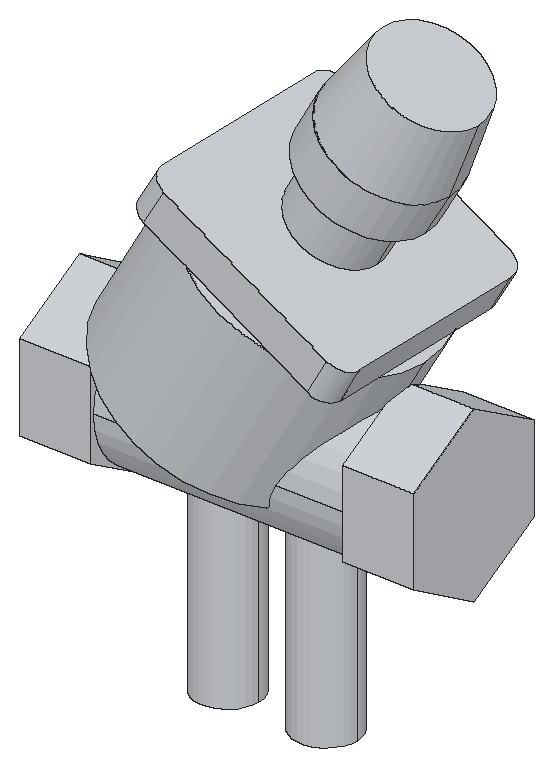
Revit family "OPTIMA_Compact_Plus_FF_DN25_5,5_RFA_2019", category Pipe Accessories, Revit 2019
Family settings
  Round Connector Dimension = Use Diameter
  Part Type = Valve - Breaks Into
  Work Plane-Based = No
  Always vertical = Yes
  Cut with Voids When Loaded = No
  Shared = No
Parameters (values of type "OPTIMA Compact Plus DN25 F-F 5.5mm")
  magiProductId = "d9f644dbdce8417aa9c852cd9f0b5f"
  magiProductFamilyId = "01be67634ee84b2d9a1468c78c5465"
  magiPartTypeId = 304
  isMeasuringValve [instance] = no
  ang2D [instance] = 0.00°
  Z = 0 mm
  X = 13 mm
  W2D = 32 mm
  VersionID = "2.0/2018.8.28.1/FRESE_OPTIMA-COMPACT-FF_001"
  Use Minimum Symbol Size [instance] = yes
  URL = "www.hydronic.cz"
  Type Comments = "vnitřní závit; PN25; 0~120°C, s měřením"
  R9 = 8 mm
  R8 = 14 mm
  R7 = 17 mm
  R6 = 12 mm
  R5 = 5 mm
  R4 = 29 mm
  R3 = 31.5 mm
  R2 = 18.5 mm
  R1 = 22 mm
  QmdConnectorList = "301;D;302;D"
  Productdata [instance] = ""
  PLG0 = yes
  Manufacturer = "Hydronic Systems Prague s.r.o."
  MC Product Code = "53-1373  (1\" F-F; 5.5mm; Qmin-dpmin 600l/h-17.3kPa; Qmax-dpmin 3609l/h-23.0kPa; dpmax 800kPa)"
  MC Piping Given Pressure Drop [instance] = 0.0 Pa
  LL = 50 mm
  L3 = 12.5 mm
  L2D_Min = 3048 mm
  L2D = 104 mm
  L2 = 64 mm
  L1__ve = -L1  # -18 mm
  L1 = 18 mm
  H6__ve = -H6  # -64 mm
  H6 = 64 mm
  H5 = 20 mm
  H4 = 12 mm
  H3 = 16 mm
  H2 = 10 mm
  H1 = 43 mm
  Description = "Tlakově nezávislý 2-cestný regulační vyvažovací ventil (PICV)"
  D = 25 mm
  CenSd_R1_6 = R1 * cos(30.00°)  # 19.053 mm
  A = 30.00°
Types (6, lengths in mm): name | magiProductId | Z | X | R4 | R3 | R2 | R1 | MC Product Code | LL | L3 | L2 | L1__ve | L1 | H6__ve | H6 | H3 | H2 | H1 | D | CenSd_R1_6
  OPTIMA Compact Plus DN32 F-F 5.5mm | "df1c00d195034ef0b1ec6dc57a3080" | 1 | 13 | 29 | 31.5 | 22 | 26 | "53-1374  (5/4\" F-F; 5.5mm; Qmin-dpmin 550l/h-17.9kPa; Qmax-dpmin 4001l/h-28.0kPa; dpmax 800kPa)" | 52 | 12.5 | 66.56 | -18.72 | 18.72 | -68 | 68 | 16 | 10 | 46 | 32 | 22.517
  OPTIMA Compact Plus DN15 F-F 2.5mm | "89b348523dca4fefb6c7ae521abddd" | 0 | 7 | 19 | 19 | 12 | 15 | "53-1364  (1/2\" F-F; 2.5mm; Qmin-dpmin 100l/h-14.9kPa; Qmax-dpmin 575l/h-18.5kPa; dpmax 800kPa)" | 37.5 | 11 | 48 | -13.5 | 13.5 | -57 | 57 | 18 | 8 | 26 | 15 | 12.99
  OPTIMA Compact Plus DN15 F-F 5.0mm | "2e6505697e744e01b0ad9c2d669662" | 0 | 7 | 19 | 19 | 12 | 15 | "53-1365  (1/2\" F-F; 5.0mm; Qmin-dpmin 220l/h-16.0kPa; Qmax-dpmin 1330l/h-21.6kPa; dpmax 800kPa)" | 37.5 | 11 | 48 | -13.5 | 13.5 | -57 | 57 | 18 | 8 | 26 | 15 | 12.99
  OPTIMA Compact Plus DN20 F-F 5.0mm | "3b063aaad6f44e8dbcb4679e4a622e" | 0 | 10 | 19 | 19 | 13.5 | 17.5 | "53-1368  (3/4\" F-F; 5.0mm; Qmin-dpmin 220l/h-16.0kPa; Qmax-dpmin 1330l/h-21.6kPa; dpmax 800kPa)" | 39.5 | 11 | 50.56 | -14.22 | 14.22 | -59.5 | 59.5 | 18 | 8 | 26 | 20 | 15.155
  OPTIMA Compact Plus DN20 F-F 5.5mm | "6f2e419bcadf4dd2a9ff6e694a03fa" | 0 | 10 | 19 | 19 | 13.5 | 17.5 | "53-1338  (3/4\" F-F; 5.5mm; Qmin-dpmin 300l/h-17.8kPa; Qmax-dpmin 1800l/h-40.0kPa; dpmax 800kPa)" | 39.5 | 11 | 50.56 | -14.22 | 14.22 | -59.5 | 59.5 | 18 | 8 | 26 | 20 | 15.155
  OPTIMA Compact Plus DN25 F-F 5.5mm | "d9f644dbdce8417aa9c852cd9f0b5f" | 0 | 13 | 29 | 31.5 | 18.5 | 22 | "53-1373  (1\" F-F; 5.5mm; Qmin-dpmin 600l/h-17.3kPa; Qmax-dpmin 3609l/h-23.0kPa; dpmax 800kPa)" | 50 | 12.5 | 64 | -18 | 18 | -64 | 64 | 16 | 10 | 43 | 25 | 19.053
Reference planes
  plane 1 "Center (Front/Back)": y = 0
  plane 2 "XYPLANE": z = 0
  plane 3 "Center (Left/Right)": x = 0
  plane 4 "267": x = 12.5
  plane 5 "266": x = -12.5
  plane 6 "252": through (-599.019, 0, 462.469) normal (0.5, 0, 0.866)
  plane 7 "250": through (-609.019, 0, 445.148) normal (0.5, 0, 0.866)
  plane 8 "248": through (-615.019, 0, 434.756) normal (0.5, 0, 0.866)
  plane 9 "245": through (-623.019, 0, 420.899) normal (0.5, 0, 0.866)
  plane 10 "241": through (338.627, 0, 670.519) normal (0.866, 0, -0.5)
  plane 11 "240": through (388.856, 0, 641.519) normal (0.866, 0, -0.5)
  plane 12 "239": y = -29
  plane 13 "238": y = 29
  plane 14 "237": through (-628.019, 0, 412.239) normal (0.5, 0, 0.866)
  plane 15 "235": through (-649.519, 0, 375) normal (0.5, 0, 0.866)
  plane 16 "231": y = 0
  plane 17 "230": through (363.742, 0, 656.019) normal (0.866, 0, -0.5)
  plane 18 "211": x = -32
  plane 19 "204": x = 50
  plane 20 "203": x = -50
  plane 21 "202": x = 0
  plane 22 "201": z = 0
  plane 23 "200": y = 0
  plane 24 "227XY": through (-649.519, 0, 375) normal (0.5, 0, 0.866)
  plane 25 "227XZ": y = 0
  plane 26 "227YZ": through (375, 0, 649.519) normal (0.866, 0, -0.5)
Forms (mm)
  Extrusion 1, solid
    sketch origin (50, -750, 0) x (0, 1, 0) y (0, 0, 1)
      loop
        line (750, 22) -> (730.947, 11) -> (730.947, -11) -> (750, -22) -> (769.053, -11) -> (769.053, 11) -> (750, 22)
    from 0 to -18 <- "L1__ve"
  Extrusion 2, solid
    sketch origin (-50, -750, 0) x (0, 1, 0) y (0, 0, 1)
      loop
        line (750, 22) -> (730.947, 11) -> (730.947, -11) -> (750, -22) -> (769.053, -11) -> (769.053, 11) -> (750, 22)
    from 0 to 18 <- "L1"
  Extrusion 3, solid, visible <- "PLG0"
    sketch origin (-750, 0, 0) x (1, 0, 0) y (0, 1, 0)
      loop
        circle (762.5, 0) r 8
    from 0 to -64 <- "H6__ve"
  Extrusion 4, solid, visible <- "PLG0"
    sketch origin (-750, 0, 0) x (1, 0, 0) y (0, 1, 0)
      loop
        circle (737.5, 0) r 8
    from 0 to -64 <- "H6__ve"
  Blend 5, solid
    base sketch origin (-609.019, 0, 445.148) x (0.866025, 0, -0.5) y (0, 1, 0)
      loop
        circle (737, 0) r 17
    top sketch origin (-609.019, 0, 445.148) x (0.866025, 0, -0.5) y (0, 1, 0)
      loop
        circle (737, 0) r 14
    from 0 to 20
  Extrusion 6, solid
    sketch origin (-615.019, 0, 434.756) x (0.866025, 0, -0.5) y (0, 1, 0)
      loop
        circle (737, 0) r 17
    from 0 to 12 <- "H4"
  Extrusion 7, solid
    sketch origin (-623.019, 0, 420.899) x (0.866025, 0, -0.5) y (0, 1, 0)
      loop
        circle (737, 0) r 12
    from 0 to 16 <- "H3"
  Extrusion 8, solid
    sketch origin (-628.019, 0, 412.239) x (0.866025, 0, -0.5) y (0, 1, 0)
      loop
        arc (713, 29) -> (709.464, 27.536) -> (708, 24) r 5
        line (708, 24) -> (708, -24)
        arc (708, -24) -> (709.464, -27.536) -> (713, -29) r 5
        line (713, -29) -> (761, -29)
        arc (761, -29) -> (764.536, -27.536) -> (766, -24) r 5
        line (766, -24) -> (766, 24)
        arc (766, 24) -> (764.536, 27.536) -> (761, 29) r 5
        line (761, 29) -> (713, 29)
    from 0 to 10 <- "H2"
  Extrusion 9, solid
    sketch origin (-649.519, 0, 375) x (0.866025, 0, -0.5) y (0, 1, 0)
      loop
        circle (737, 0) r 31.5
    from 0 to 43 <- "H1"
  Extrusion 10, solid
    sketch origin (-32, -750, 0) x (0, 1, 0) y (0, 0, 1)
      loop
        circle (750, 0) r 18.5
    from 0 to 64 <- "L2"
  Extrusion 11, solid, not visible
    sketch origin (50, -750, 0) x (0, 1, 0) y (0, 0, 1)
      loop
        circle (750, 0) r 10
    from 0 to -10
  Extrusion 12, solid, not visible
    sketch origin (-50, -750, 0) x (0, 1, 0) y (0, 0, 1)
      loop
        circle (750, 0) r 10
    from 0 to 10
Lines and regions (mm)
  reference lines, not visible
    curve 1: circle (2, 2, 0) r 1 normal (0, 0, 1)
  reference lines
    curve 2: line (50, 0, 0) -> (50, -11.258, -6.5)
    curve 3: line (50, 0, 0) -> (50, 0, -13)
    curve 4: line (50, 0, 0) -> (50, 11.258, -6.5)
    curve 5: line (-50, 0, 0) -> (-50, 11.258, -6.5)
    curve 6: line (-50, 0, 0) -> (-50, 0, -13)
    curve 7: line (-50, 0, 0) -> (-50, -11.258, -6.5)
Dimensions and locks
  plane 1 "Center (Front/Back)" to curve 1 = 2 mm
  "L3": plane 3 "Center (Left/Right)" to plane 4 "267"
  "L3": plane 3 "Center (Left/Right)" to plane 5 "266"
  "H5": plane 7 "250" to plane 6 "252"
  "H4": plane 8 "248" to plane 7 "250"
  "H3": plane 9 "245" to plane 8 "248"
  "H2": plane 14 "237" to plane 9 "245"
  "R4": plane 17 "230" to plane 10 "241"
  "R4": plane 17 "230" to plane 11 "240"
  "R4": plane 23 "200" to plane 12 "239"
  "R4": plane 23 "200" to plane 13 "238"
  "H1": plane 15 "235" to plane 14 "237"
  "Z": plane 24 "227XY" to plane 15 "235"
  locked: plane 23 "200" to plane 16 "231"
  "X": plane 26 "227YZ" to plane 17 "230"
  "L1": plane 20 "203" to plane 18 "211"
  "LL": plane 3 "Center (Left/Right)" to plane 19 "204"
  "LL": plane 3 "Center (Left/Right)" to plane 20 "203"
  locked: plane 3 "Center (Left/Right)" to plane 21 "202"
  locked: plane 2 "XYPLANE" to plane 22 "201"
  locked: plane 1 "Center (Front/Back)" to plane 23 "200"
  "CenSd_R1_6": curve 2 to Extrusion 1 sketch curve  (x2)
  "CenSd_R1_6": curve 3 to Extrusion 1 sketch curve  (x2)
  "CenSd_R1_6": curve 4 to Extrusion 1 sketch curve  (x2)
  Extrusion 1 sketch curve to Extrusion 1 sketch curve = 0 mm  (x12)
  "CenSd_R1_6": curve 5 to Extrusion 2 sketch curve  (x2)
  "CenSd_R1_6": curve 6 to Extrusion 2 sketch curve  (x2)
  "CenSd_R1_6": curve 7 to Extrusion 2 sketch curve  (x2)
  Extrusion 2 sketch curve to Extrusion 2 sketch curve = 0 mm  (x12)
  Extrusion 8 sketch curve to Extrusion 8 sketch curve = 0 mm  (x16)
  "R9": radius of Extrusion 3 sketch curve
  "R9": radius of Extrusion 4 sketch curve
  "R8": radius of Blend 5 sketch curve
  "R7": radius of Blend 5 sketch curve
  "R7": radius of Extrusion 6 sketch curve
  "R6": radius of Extrusion 7 sketch curve
  "R5": radius of Extrusion 8 sketch curve  (x4)
  "R3": radius of Extrusion 9 sketch curve
  "R2": radius of Extrusion 10 sketch curve
  locked: curve 3 to curve 2 (angle 60.00°)
  locked: curve 4 to curve 3 (angle 60.00°)
  locked: curve 4 to curve 2 (angle 120.00°)
  locked: curve 6 to curve 5 (angle 60.00°)
  locked: curve 7 to curve 6 (angle 60.00°)
  locked: curve 7 to curve 5 (angle 120.00°)
  aligned and locked: level to plane 2 "XYPLANE"
  aligned and locked: plane 22 "201" to curve 4
  aligned and locked: curve 4 to plane 23 "200"
  aligned and locked: plane 22 "201" to curve 7
  aligned and locked: curve 7 to plane 23 "200"
  aligned and locked: plane 4 "267" to Extrusion 3 sketch curve
  aligned and locked: plane 23 "200" to Extrusion 3 sketch curve
  aligned and locked: plane 5 "266" to Extrusion 4 sketch curve
  aligned and locked: plane 23 "200" to Extrusion 4 sketch curve
  aligned and locked: plane 16 "231" to Blend 5 sketch curve  (x2)
  aligned and locked: Blend 5 sketch curve to plane 17 "230"  (x2)
  aligned and locked: plane 6 "252" to Blend 5
  aligned and locked: plane 16 "231" to Extrusion 6 sketch curve
  aligned and locked: Extrusion 6 sketch curve to plane 17 "230"
  aligned and locked: plane 16 "231" to Extrusion 7 sketch curve
  aligned and locked: Extrusion 7 sketch curve to plane 17 "230"
  aligned and locked: Extrusion 8 sketch curve to plane 10 "241"
  aligned and locked: Extrusion 8 sketch curve to plane 12 "239"
  aligned and locked: Extrusion 8 sketch curve to plane 11 "240"
  aligned and locked: plane 13 "238" to Extrusion 8 sketch curve
  aligned and locked: plane 16 "231" to Extrusion 9 sketch curve
  aligned and locked: Extrusion 9 sketch curve to plane 17 "230"
  aligned and locked: plane 22 "201" to Extrusion 10 sketch curve
  aligned and locked: Extrusion 10 sketch curve to plane 23 "200"
  aligned and locked: plane 22 "201" to Extrusion 11 sketch curve
  aligned and locked: Extrusion 11 sketch curve to plane 23 "200"
  aligned and locked: plane 22 "201" to Extrusion 12 sketch curve
  aligned and locked: Extrusion 12 sketch curve to plane 23 "200"
Automatic sketch dimensions
  plane 1 "Center (Front/Back)" to Extrusion 11 sketch curve = 10 mm
  plane 1 "Center (Front/Back)" to Extrusion 12 sketch curve = 10 mm
  plane 3 "Center (Left/Right)" to curve 1 = 2 mm
  radius of curve 1 = 1 mm
Connectors
  piping at (-50, 0, 0), diameter 25, driven by "D"
    settings: on Extrusion 12, index 1, connector inside diameter 609.6 mm, connector length 0 mm, flow factor 0, pipe flow 0.0 L/s, pressure drop 0.0 Pa, fitting loss kfactor 0, connector angle 0.00°, fixture units 0, engagement length 0 mm, angle of deflection 0.00°, flow configuration 0, flow direction 0, fitting loss method 0, system type 29, joint type 0, gender type 0, connector reference index 2, connector utility 0, adjustable connector no, is connector primary yes, connector description ""
  piping at (50, 0, 0), diameter 25, driven by "D"
    settings: on Extrusion 11, index 2, connector inside diameter 609.6 mm, connector length 0 mm, flow factor 0, pipe flow 0.0 L/s, pressure drop 0.0 Pa, fitting loss kfactor 0, connector angle 0.00°, fixture units 0, engagement length 0 mm, angle of deflection 0.00°, flow configuration 0, flow direction 0, fitting loss method 0, system type 29, joint type 0, gender type 0, connector reference index 1, connector utility 0, adjustable connector no, is connector primary no, connector description ""
